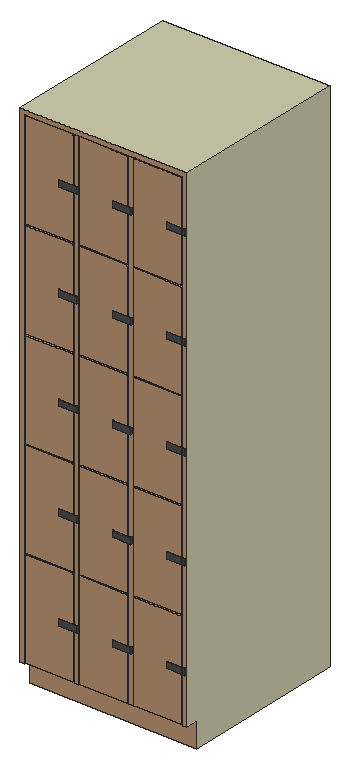
Revit family "Cabinet_Wenger_UltraStor_02", category Furniture, Revit 2015
Parameters (values of type "UltraStor Cabinet #02 - Comp Wood Doors")
  URL = "https://www.wengercorp.com/"
  Type Comments = ""
  Specification = "http://www.arcat.com/sdspecs/htm04/12_35_83wen.htm"
  Shelf Thickness = 0' - 1 1/8"
  Sales Information = "https://www.wengercorp.com/contact-us.php"
  Revision = "R1_2018-04"
  Rear Panel Thickness = 0' - 0 3/4"
  Product Data = "http://www.arcat.com/arcatcos/cos36/arc36487.html"
  Manufacturer Website = "https://www.wengercorp.com/"
  Manufacturer Phone - Toll Free = "800-4WENGER"
  Manufacturer Phone = "(507) 455-4100"
  Manufacturer Fax = "(507) 455-4258"
  Manufacturer Address = "555 Park Dr., Owatonna, MN 55060"
  Keynote = "12 35 83"
  HasDoors = yes
  Green Building-LEED = "http://www.arcat.com/green/clients/leed_data_36487.html"
  Drawn By = "Sumex Design, Inc. / Robert S. Weygant, CSI, CDT, SCIP"
  Door Width = (Cabinet Width - 0' 3") / 3  # 0' - 8.16667"
  Door Style = Door_Base : Solid Door
  Door Material [instance] = Wenger Cherry (Use Cherry Edge Band Only)
  Door Height = (Cabinet Height - 0' 4 3/4") / 5  # 1' - 4.175"
  Toe Kick Material [instance] = Wenger Cherry (Use Cherry Edge Band Only)
  RH End Panel [instance] = no
  Model = "#02"
  Manufacturer = "Wenger Corporation"
  LH End Panel [instance] = no
  End Panel Material [instance] = Wenger Cherry (Use Cherry Edge Band Only)
  Edge Banding Material [instance] = Wenger Cherry (Use Cherry Edge Band Only)
  Cost = 0
  Copyright = "© 2018 Arcat Inc."
  Construction Details = "http://www.arcat.com/details/wengerco/wengerco.html?coid=36487"
  Body Material [instance] = Wenger - Oyster
  Description = "Wenger UltraStor Cabinet #02 - Comp Wood Doors"
  Cabinet Width = 2' - 3 1/2"
  Cabinet Height = 7' - 1 5/8"
  Installed Depth = 2' - 5 1/4"
  Cabinet Panel Thickness = 0' - 0 3/4"
  Assembly Code = "E2010200"
Types (14): name | Rear Panel Thickness | HasDoors | Door Width | Door Style | Door Material | Model | Description | Cabinet Width | Installed Depth
  Acoustic Cabinet #02 - No Doors | 0' - 3 1/4" | no | 0' - 8.16667" | Door_Base : Solid Door | none | "#02A" | "Wenger Acoustic Cabinet #02 - No Doors" | 2' - 3 1/2" | 2' - 7 3/4"
  Narrow Acoustic Cabinet #02 - No Doors | 0' - 3 1/4" | no | 0' - 6.16667" | Door_Base : Solid Door | none | "#02NA" | "Wenger Narrow Acoustic Cabinet #02 - No Doors" | 1' - 9 1/2" | 2' - 7 3/4"
  Acoustic Cabinet #02 - Comp Grille Doors | 0' - 3 1/4" | yes | 0' - 8.16667" | Door_Base : Bars | Painted Black | "#02A" | "Wenger Acoustic Cabinet #02 - Comp Grille Doors" | 2' - 3 1/2" | 2' - 7 3/4"
  Narrow Acoustic Cabinet #02 - Comp Grille Doors | 0' - 3 1/4" | yes | 0' - 6.16667" | Door_Base : Bars | Painted Black | "#02NA" | "Wenger Narrow Acoustic Cabinet #02 - Comp Grille Doors" | 1' - 9 1/2" | 2' - 7 3/4"
  Narrow Acoustic Cabinet #02 - Comp Waterfall Grille Doors | 0' - 3 1/4" | yes | 0' - 6.16667" | Door_Base : Waterfall | Painted Black | "#02NA" | "Wenger Narrow Acoustic Cabinet #02 - Comp Waterfall Grille Doors" | 1' - 9 1/2" | 2' - 7 3/4"
  Acoustic Cabinet #02 - Comp Waterfall Grille Doors | 0' - 3 1/4" | yes | 0' - 8.16667" | Door_Base : Waterfall | Painted Black | "#02A" | "Wenger Acoustic Cabinet #02 - Comp Waterfall Grille Doors" | 2' - 3 1/2" | 2' - 7 3/4"
  Narrow UltraStor Cabinet #02 - Comp Grille Doors | 0' - 0 3/4" | yes | 0' - 6.16667" | Door_Base : Bars | Painted Black | "#02N" | "Wenger Narrow Cabinet #02 - Comp Grille Doors" | 1' - 9 1/2" | 2' - 5 1/4"
  UltraStor Cabinet #02 - Comp Waterfall Grille Doors | 0' - 0 3/4" | yes | 0' - 8.16667" | Door_Base : Waterfall | Painted Black | "#02" | "Wenger UltraStor Cabinet #02 - Comp Waterfall Grille Doors" | 2' - 3 1/2" | 2' - 5 1/4"
  UltraStor Cabinet #02 - Comp Grille Doors | 0' - 0 3/4" | yes | 0' - 8.16667" | Door_Base : Bars | Painted Black | "#02" | "Wenger UltraStor Cabinet #02 - Comp Grille Doors" | 2' - 3 1/2" | 2' - 5 1/4"
  UltraStor Cabinet #02 - No Doors | 0' - 0 3/4" | no | 0' - 8.16667" | Door_Base : Solid Door | none | "#02" | "Wenger UltraStor Cabinet #02 - No Doors" | 2' - 3 1/2" | 2' - 5 1/4"
  Narrow UltraStor Cabinet #02 - Comp Waterfall Grille Doors | 0' - 0 3/4" | yes | 0' - 6.16667" | Door_Base : Waterfall | Painted Black | "#02N" | "Wenger Narrow Cabinet #02 - Comp Waterfall Grille Doors" | 1' - 9 1/2" | 2' - 5 1/4"
  UltraStor Cabinet #02 - Comp Wood Doors | 0' - 0 3/4" | yes | 0' - 8.16667" | Door_Base : Solid Door | Wenger Cherry (Use Cherry Edge Band Only) | "#02" | "Wenger UltraStor Cabinet #02 - Comp Wood Doors" | 2' - 3 1/2" | 2' - 5 1/4"
  Narrow UltraStor Cabinet #02 - No Doors | 0' - 0 3/4" | no | 0' - 6.16667" | Door_Base : Solid Door | none | "#02N" | "Wenger Narrow Cabinet #02 - No Doors" | 1' - 9 1/2" | 2' - 5 1/4"
  Narrow UltraStor Cabinet #02 - Comp Wood Doors | 0' - 0 3/4" | yes | 0' - 6.16667" | Door_Base : Solid Door | Wenger Cherry (Use Cherry Edge Band Only) | "#02N" | "Wenger Narrow Cabinet #02 - Comp Wood Doors" | 1' - 9 1/2" | 2' - 5 1/4"
Reference planes (in)
  plane 1 "Front": y = 0
  plane 2: z = 0
  plane 3 "Left": x = 0
  plane 4 "Right": x = 27.5
  plane 5 "Back": y = 29.25
  plane 6 "Top": z = 85.625
  plane 7: z = 4
  plane 8: z = 20.175
  plane 9: z = 36.35
  plane 10: z = 52.525
  plane 11: z = 68.7
  plane 12: x = 0.75
  plane 13: x = 26.75
  plane 14: z = 84.875
  plane 15: x = 8.91667
  plane 16: x = 9.66667
  plane 17: x = 17.83333
  plane 18: x = 18.58333
  plane 19: y = 28.5
  plane 20: y = 2
  plane 21: y = 0.75
  plane 22: z = 21.3
  plane 23: z = 37.475
  plane 24: z = 53.65
  plane 25: z = 69.825
  plane 26: z = 5.125
Forms (in)
  Extrusion 1, solid, material "Wenger - Oyster" <- "Body Material"
    sketch origin (0, 0, 0) x (0, 1, 0) y (0, 0, 1)
      loop
        line (0, 85.625) -> (0, 4) -> (2, 4) -> (2, 0) -> (29.25, 0) -> (29.25, 85.625) -> (0, 85.625)
    from 0 to 27.5
  Extrusion 2, void
    sketch origin (0, 0, 0) x (0, 1, 0) y (0, 0, 1)
      loop
        line (-5.5, 84.875) -> (-5.5, 4) -> (0.75, 4)
        arc (0.75, 4) -> (1.15915, 4.80234) -> (2, 5.125) r 1.25694
        line (2, 5.125) -> (28.5, 5.125) -> (28.5, 20.175) -> (0.75, 20.175)
        arc (0.75, 20.175) -> (1.18296, 20.95088) -> (2, 21.3) r 1.375
        line (2, 21.3) -> (28.5, 21.3) -> (28.5, 36.35) -> (0.75, 36.35)
        arc (0.75, 36.35) -> (1.18296, 37.12588) -> (2, 37.475) r 1.375
        line (2, 37.475) -> (28.5, 37.475) -> (28.5, 52.525) -> (0.75, 52.525)
        arc (0.75, 52.525) -> (1.18296, 53.30088) -> (2, 53.65) r 1.375
        line (2, 53.65) -> (28.5, 53.65) -> (28.5, 68.7) -> (0.75, 68.7)
        arc (0.75, 68.7) -> (1.18296, 69.47588) -> (2, 69.825) r 1.375
        line (2, 69.825) -> (28.5, 69.825) -> (28.5, 84.875) -> (-5.5, 84.875)
    from 0.75 to 8.91667
  Extrusion 3, void
    sketch origin (0, 0, 0) x (0, 1, 0) y (0, 0, 1)
      loop
        line (-5.5, 84.875) -> (-5.5, 4) -> (0.75, 4)
        arc (0.75, 4) -> (1.18296, 4.77588) -> (2, 5.125) r 1.375
        line (2, 5.125) -> (28.5, 5.125) -> (28.5, 20.175) -> (0.75, 20.175)
        arc (0.75, 20.175) -> (1.18296, 20.95088) -> (2, 21.3) r 1.375
        line (2, 21.3) -> (28.5, 21.3) -> (28.5, 36.35) -> (0.75, 36.35)
        arc (0.75, 36.35) -> (1.18296, 37.12588) -> (2, 37.475) r 1.375
        line (2, 37.475) -> (28.5, 37.475) -> (28.5, 52.525) -> (0.75, 52.525)
        arc (0.75, 52.525) -> (1.18296, 53.30088) -> (2, 53.65) r 1.375
        line (2, 53.65) -> (28.5, 53.65) -> (28.5, 68.7) -> (0.75, 68.7)
        arc (0.75, 68.7) -> (1.18296, 69.47588) -> (2, 69.825) r 1.375
        line (2, 69.825) -> (28.5, 69.825) -> (28.5, 84.875) -> (-5.5, 84.875)
    from 9.66667 to 17.83333
  Extrusion 4, void
    sketch origin (0, 0, 0) x (0, 1, 0) y (0, 0, 1)
      loop
        line (-5.5, 84.875) -> (-5.5, 4) -> (0.75, 4)
        arc (0.75, 4) -> (1.18296, 4.77588) -> (2, 5.125) r 1.375
        line (2, 5.125) -> (28.5, 5.125) -> (28.5, 20.175) -> (0.75, 20.175)
        arc (0.75, 20.175) -> (1.18296, 20.95088) -> (2, 21.3) r 1.375
        line (2, 21.3) -> (28.5, 21.3) -> (28.5, 36.35) -> (0.75, 36.35)
        arc (0.75, 36.35) -> (1.18296, 37.12588) -> (2, 37.475) r 1.375
        line (2, 37.475) -> (28.5, 37.475) -> (28.5, 52.525) -> (0.75, 52.525)
        arc (0.75, 52.525) -> (1.18296, 53.30088) -> (2, 53.65) r 1.375
        line (2, 53.65) -> (28.5, 53.65) -> (28.5, 68.7) -> (0.75, 68.7)
        arc (0.75, 68.7) -> (1.18296, 69.47588) -> (2, 69.825) r 1.375
        line (2, 69.825) -> (28.5, 69.825) -> (28.5, 84.875) -> (-5.5, 84.875)
    from 18.58333 to 26.75
  Extrusion 5, void
    sketch origin (0, 0, 0) x (0, 1, 0) y (0, 0, 1)
      loop
        line (0, 84.875) -> (0, 4) -> (0.0625, 4) -> (0.0625, 84.875) -> (0, 84.875)
    from 0.75 to 26.75
Cuts and joins
  Extrusion 2, Extrusion 3, Extrusion 4, Extrusion 5 cuts Extrusion 1
Lines and regions (in)
  Masking region 1
    outline origin (0, 0, 0) x (1, 0, 0) y (0, 1, 0)
      loop
        line (0, 29.25) -> (0, 0) -> (27.5, 0) -> (27.5, 29.25) -> (0, 29.25)
Dimensions and locks (in)
  "Cabinet Panel Thickness": plane 3 "Left" to plane 12
  "Cabinet Panel Thickness": plane 13 to plane 4 "Right"
  "Cabinet Panel Thickness": plane 5 "Back" to plane 19
  locked: plane 1 "Front" to plane 21 at 0.75
  locked: plane 1 "Front" to plane 20 at 2
  "Shelf Thickness": plane 22 to plane 8
  "Shelf Thickness": plane 23 to plane 9
  "Shelf Thickness": plane 24 to plane 10
  "Shelf Thickness": plane 25 to plane 11
  "Cabinet Panel Thickness": plane 6 "Top" to plane 14
  equal spacing: plane 14, plane 11, plane 10, plane 9, plane 8, plane 7
  "Shelf Thickness": plane 26 to plane 7
  "Cabinet Width": plane 3 "Left" to plane 4 "Right"
  locked: plane 7 to level at 4
  "Cabinet Height": plane 6 "Top" to level
  "Installed Depth": plane 1 "Front" to plane 5 "Back"
  "Door Width": plane 15 to plane 12
  "Door Width": plane 17 to plane 16
  "Door Width": plane 13 to plane 18
  plane 3 "Left" to plane 4 "Right" = 2' - 3 1/2"
  locked: plane 18 to plane 17 at 0.75
  equal spacing: plane 16, nested 2, plane 17
  equal spacing: plane 5 "Back", nested 2, plane 1 "Front"
  aligned and locked: Extrusion 1 sketch curve to plane 6 "Top"
  aligned and locked: Extrusion 1 sketch curve to plane 5 "Back"
  aligned and locked: Extrusion 1 sketch curve to plane 1 "Front"
  aligned and locked: Extrusion 1 sketch curve to plane 7
  aligned and locked: Extrusion 1 sketch curve to plane 20
  aligned and locked: Extrusion 1 sketch curve to level
  aligned and locked: Extrusion 1 to plane 4 "Right"
  aligned and locked: Extrusion 1 to plane 3 "Left"
  aligned and locked: Extrusion 2 sketch curve to plane 14
  aligned and locked: Extrusion 2 sketch curve to plane 19
  aligned and locked: Extrusion 2 sketch curve to plane 11
  aligned and locked: Extrusion 2 sketch curve to plane 24
  aligned and locked: Extrusion 2 sketch curve to plane 10
  aligned and locked: Extrusion 2 sketch curve to plane 23
  aligned and locked: Extrusion 2 sketch curve to plane 9
  aligned and locked: Extrusion 2 sketch curve to plane 22
  aligned and locked: Extrusion 2 sketch curve to plane 8
  aligned and locked: Extrusion 2 sketch curve to plane 26
  aligned and locked: Extrusion 2 sketch curve to plane 25
  aligned and locked: Extrusion 2 to plane 12
  aligned and locked: plane 15 to Extrusion 2
  aligned and locked: plane 17 to Extrusion 3
  aligned and locked: Extrusion 3 to plane 16
  aligned and locked: Extrusion 4 to plane 13
  aligned and locked: Extrusion 4 to plane 18
  aligned and locked: Extrusion 5 sketch curve to cut or joined group of Extrusion 1, Extrusion 2, Extrusion 3, Extrusion 4, Extrusion 5  (x3)
  aligned and locked: Extrusion 5 to plane 13
  aligned and locked: Extrusion 5 to plane 12
  aligned and locked: plane 10 to nested 11
  aligned and locked: nested 3 to plane 12
  aligned and locked: plane 15 to nested 3
  aligned and locked: nested 3 to plane 11
  aligned and locked: plane 14 to nested 3
  aligned and locked: plane 14 to nested 4
  aligned and locked: nested 4 to plane 11
  aligned and locked: nested 4 to plane 16
  aligned and locked: plane 17 to nested 4
  aligned and locked: cut or joined group of Extrusion 1, Extrusion 2, Extrusion 3, Extrusion 4, Extrusion 5 to plane 18
  aligned and locked: cut or joined group of Extrusion 1, Extrusion 2, Extrusion 3, Extrusion 4, Extrusion 5 to plane 13
  aligned and locked: plane 14 to nested 5
  aligned and locked: nested 5 to plane 11
  aligned and locked: plane 11 to cut or joined group of Extrusion 1, Extrusion 2, Extrusion 3, Extrusion 4, Extrusion 5  (x2)
  aligned and locked: plane 11 to nested 7
  aligned and locked: plane 11 to nested 8
  aligned and locked: plane 11 to nested 6
  aligned and locked: nested 8 to plane 10
  aligned and locked: nested 7 to plane 10
  aligned and locked: nested 6 to plane 10
  aligned and locked: plane 10 to cut or joined group of Extrusion 1, Extrusion 2, Extrusion 3, Extrusion 4, Extrusion 5
  aligned and locked: plane 10 to nested 10
  aligned and locked: plane 10 to nested 9
  aligned and locked: nested 9 to plane 9
  aligned and locked: plane 9 to nested 12
  aligned and locked: nested 10 to plane 9
  aligned and locked: plane 9 to nested 13
  aligned and locked: nested 11 to plane 9
  aligned and locked: plane 9 to nested 14
  aligned and locked: nested 12 to plane 8
  aligned and locked: plane 8 to nested 15
  aligned and locked: nested 13 to plane 8
  aligned and locked: plane 8 to nested 16
  aligned and locked: nested 14 to plane 8
  aligned and locked: plane 8 to nested 17
  aligned and locked: nested 17 to plane 13
  aligned and locked: nested 14 to plane 13
  aligned and locked: nested 11 to plane 13
  aligned and locked: nested 8 to plane 13
  aligned and locked: nested 5 to plane 13
  aligned and locked: nested 5 to plane 18
  aligned and locked: nested 8 to plane 18
  aligned and locked: nested 11 to plane 18
  aligned and locked: nested 14 to plane 18
  aligned and locked: nested 17 to plane 18
  aligned and locked: plane 17 to cut or joined group of Extrusion 1, Extrusion 2, Extrusion 3, Extrusion 4, Extrusion 5
  aligned and locked: plane 17 to nested 13
  aligned and locked: plane 17 to nested 10
  aligned and locked: plane 17 to nested 7
  aligned and locked: nested 10 to plane 16
  aligned and locked: nested 13 to plane 16
  aligned and locked: nested 7 to plane 16
  aligned and locked: nested 16 to plane 16
  aligned and locked: plane 15 to nested 15
  aligned and locked: plane 15 to nested 12
  aligned and locked: plane 15 to nested 9
  aligned and locked: plane 15 to nested 6
  aligned and locked: nested 6 to plane 12
  aligned and locked: nested 9 to plane 12
  aligned and locked: nested 12 to plane 12
  aligned and locked: nested 15 to plane 12
  aligned and locked: plane 7 to cut or joined group of Extrusion 1, Extrusion 2, Extrusion 3, Extrusion 4, Extrusion 5
  aligned and locked: nested 16 to plane 7
  aligned and locked: nested 17 to plane 7
  aligned and locked: nested 15 to plane 7
  aligned and locked: plane 21 to Extrusion 2 sketch curve
  aligned and locked: plane 1 "Front" to nested 18
  aligned and locked: nested 18 to level
  aligned and locked: nested 18 to plane 4 "Right"
  aligned and locked: Masking region 1 sketch curve to plane 5 "Back"
  aligned and locked: Masking region 1 sketch curve to plane 1 "Front"
  aligned and locked: plane 3 "Left" to Masking region 1 sketch curve
  aligned and locked: plane 4 "Right" to Masking region 1 sketch curve
Automatic sketch dimensions
  Extrusion 3 sketch curve to plane 14 = 0' - 0"
  Extrusion 3 sketch curve to plane 7 = 0' - 0"
  Extrusion 3 sketch curve to plane 21 = 0' - 0"  (x5)
  Extrusion 3 sketch curve to plane 11 = 0' - 0"
  Extrusion 3 sketch curve to plane 8 = 0' - 0"
  Extrusion 3 sketch curve to plane 10 = 0' - 0"
  Extrusion 3 sketch curve to plane 9 = 0' - 0"
  Extrusion 3 sketch curve to plane 20 = 0' - 0"  (x5)
  Extrusion 3 sketch curve to plane 19 = 0' - 0"  (x5)
  Extrusion 3 sketch curve to plane 26 = 0' - 0"
  Extrusion 3 sketch curve to plane 22 = 0' - 0"
  Extrusion 3 sketch curve to plane 23 = 0' - 0"
  Extrusion 3 sketch curve to plane 24 = 0' - 0"
  Extrusion 3 sketch curve to plane 25 = 0' - 0"
  plane 1 "Front" to Extrusion 3 sketch curve = 0' - 5 1/2"
  Extrusion 3 sketch curve to plane 20 = 0' - 0.10279"  (x5)
  Extrusion 4 sketch curve to plane 14 = 0' - 0"
  Extrusion 4 sketch curve to plane 7 = 0' - 0"
  Extrusion 4 sketch curve to plane 21 = 0' - 0"  (x5)
  Extrusion 4 sketch curve to plane 11 = 0' - 0"
  Extrusion 4 sketch curve to plane 8 = 0' - 0"
  Extrusion 4 sketch curve to plane 10 = 0' - 0"
  Extrusion 4 sketch curve to plane 9 = 0' - 0"
  Extrusion 4 sketch curve to plane 20 = 0' - 0"  (x5)
  Extrusion 4 sketch curve to plane 19 = 0' - 0"  (x5)
  Extrusion 4 sketch curve to plane 26 = 0' - 0"
  Extrusion 4 sketch curve to plane 22 = 0' - 0"
  Extrusion 4 sketch curve to plane 23 = 0' - 0"
  Extrusion 4 sketch curve to plane 24 = 0' - 0"
  Extrusion 4 sketch curve to plane 25 = 0' - 0"
  plane 1 "Front" to Extrusion 4 sketch curve = 0' - 5 1/2"
  Extrusion 4 sketch curve to plane 20 = 0' - 0.10279"  (x5)
  plane 21 to Extrusion 5 sketch curve = 0' - 0 11/16"
  Extrusion 2 sketch curve to plane 7 = 0' - 0"
  Extrusion 2 sketch curve to plane 21 = 0' - 0"  (x4)
  Extrusion 2 sketch curve to plane 20 = 0' - 0"  (x5)
  Extrusion 2 sketch curve to plane 19 = 0' - 0"  (x4)
  plane 1 "Front" to Extrusion 2 sketch curve = 0' - 5 1/2"
  Extrusion 2 sketch curve to plane 20 = 0' - 0.10279"  (x4)
Nested families (in)
  nested 1: "End Panel" at (0, 14.25, 0) x (0, -1, 0) z (0, 0, 1), End Panel Material <- "End Panel Material", visible <- "LH End Panel", Edge Banding Material <- "Edge Banding Material", type "End Panel"
    with End Panel Material Wenger Cherry (Use Cherry Edge Band Only), Edge Banding Material Wenger Cherry (Use Cherry Edge Band Only), End Panel Depth 2' - 5 1/4"
  nested 2: "Labels" at (13.75, 14.625, 0), type "Labels"
  nested 3: "Door_Base" at (4.83333, 0, 68.7) x (1, 0, 0) z (0, -1, 0), type <- "Door Style", Height <- "Door Height", Width <- "Door Width", visible <- "HasDoors", type "Solid Door", detail levels medium+fine
    with vBars 6, Width 0' - 8.16667", ToeKick Height 0' - 4", MidBar no, Height 1' - 4.175", BarHt 1' - 3.675", 2HzBars no
  nested 4: "Door_Base" at (13.75, 0, 68.7) x (1, 0, 0) z (0, -1, 0), type <- "Door Style", Height <- "Door Height", Width <- "Door Width", visible <- "HasDoors", type "Solid Door", detail levels medium+fine
    with vBars 6, Width 0' - 8.16667", ToeKick Height 0' - 4", MidBar no, Height 1' - 4.175", BarHt 1' - 3.675", 2HzBars no
  nested 5: "Door_Base" at (22.66667, 0, 68.7) x (1, 0, 0) z (0, -1, 0), type <- "Door Style", Height <- "Door Height", Width <- "Door Width", visible <- "HasDoors", type "Solid Door", detail levels medium+fine
    with vBars 6, Width 0' - 8.16667", ToeKick Height 0' - 4", MidBar no, Height 1' - 4.175", BarHt 1' - 3.675", 2HzBars no
  nested 6: "Door_Base" at (4.83333, 0, 52.525) x (1, 0, 0) z (0, -1, 0), type <- "Door Style", Height <- "Door Height", Width <- "Door Width", visible <- "HasDoors", type "Solid Door", detail levels medium+fine
    with vBars 6, Width 0' - 8.16667", ToeKick Height 0' - 4", MidBar no, Height 1' - 4.175", BarHt 1' - 3.675", 2HzBars no
  nested 7: "Door_Base" at (13.75, 0, 52.525) x (1, 0, 0) z (0, -1, 0), type <- "Door Style", Height <- "Door Height", Width <- "Door Width", visible <- "HasDoors", type "Solid Door", detail levels medium+fine
    with vBars 6, Width 0' - 8.16667", ToeKick Height 0' - 4", MidBar no, Height 1' - 4.175", BarHt 1' - 3.675", 2HzBars no
  nested 8: "Door_Base" at (22.66667, 0, 52.525) x (1, 0, 0) z (0, -1, 0), type <- "Door Style", Height <- "Door Height", Width <- "Door Width", visible <- "HasDoors", type "Solid Door", detail levels medium+fine
    with vBars 6, Width 0' - 8.16667", ToeKick Height 0' - 4", MidBar no, Height 1' - 4.175", BarHt 1' - 3.675", 2HzBars no
  nested 9: "Door_Base" at (4.83333, 0, 36.35) x (1, 0, 0) z (0, -1, 0), type <- "Door Style", Height <- "Door Height", Width <- "Door Width", visible <- "HasDoors", type "Solid Door", detail levels medium+fine
    with vBars 6, Width 0' - 8.16667", ToeKick Height 0' - 4", MidBar no, Height 1' - 4.175", BarHt 1' - 3.675", 2HzBars no
  nested 10: "Door_Base" at (13.75, 0, 36.35) x (1, 0, 0) z (0, -1, 0), type <- "Door Style", Height <- "Door Height", Width <- "Door Width", visible <- "HasDoors", type "Solid Door", detail levels medium+fine
    with vBars 6, Width 0' - 8.16667", ToeKick Height 0' - 4", MidBar no, Height 1' - 4.175", BarHt 1' - 3.675", 2HzBars no
  nested 11: "Door_Base" at (22.66667, 0, 36.35) x (1, 0, 0) z (0, -1, 0), type <- "Door Style", Height <- "Door Height", Width <- "Door Width", visible <- "HasDoors", type "Solid Door", detail levels medium+fine
    with vBars 6, Width 0' - 8.16667", ToeKick Height 0' - 4", MidBar no, Height 1' - 4.175", BarHt 1' - 3.675", 2HzBars no
  nested 12: "Door_Base" at (4.83333, 0, 20.175) x (1, 0, 0) z (0, -1, 0), type <- "Door Style", Height <- "Door Height", Width <- "Door Width", visible <- "HasDoors", type "Solid Door", detail levels medium+fine
    with vBars 6, Width 0' - 8.16667", ToeKick Height 0' - 4", MidBar no, Height 1' - 4.175", BarHt 1' - 3.675", 2HzBars no
  nested 13: "Door_Base" at (13.75, 0, 20.175) x (1, 0, 0) z (0, -1, 0), type <- "Door Style", Height <- "Door Height", Width <- "Door Width", visible <- "HasDoors", type "Solid Door", detail levels medium+fine
    with vBars 6, Width 0' - 8.16667", ToeKick Height 0' - 4", MidBar no, Height 1' - 4.175", BarHt 1' - 3.675", 2HzBars no
  nested 14: "Door_Base" at (22.66667, 0, 20.175) x (1, 0, 0) z (0, -1, 0), type <- "Door Style", Height <- "Door Height", Width <- "Door Width", visible <- "HasDoors", type "Solid Door", detail levels medium+fine
    with vBars 6, Width 0' - 8.16667", ToeKick Height 0' - 4", MidBar no, Height 1' - 4.175", BarHt 1' - 3.675", 2HzBars no
  nested 15: "Door_Base" at (4.83333, 0, 4) x (1, 0, 0) z (0, -1, 0), type <- "Door Style", Height <- "Door Height", Width <- "Door Width", visible <- "HasDoors", type "Solid Door", detail levels medium+fine
    with vBars 6, Width 0' - 8.16667", ToeKick Height 0' - 4", MidBar no, Height 1' - 4.175", BarHt 1' - 3.675", 2HzBars no
  nested 16: "Door_Base" at (13.75, 0, 4) x (1, 0, 0) z (0, -1, 0), type <- "Door Style", Height <- "Door Height", Width <- "Door Width", visible <- "HasDoors", type "Solid Door", detail levels medium+fine
    with vBars 6, Width 0' - 8.16667", ToeKick Height 0' - 4", MidBar no, Height 1' - 4.175", BarHt 1' - 3.675", 2HzBars no
  nested 17: "Door_Base" at (22.66667, 0, 4) x (1, 0, 0) z (0, -1, 0), type <- "Door Style", Height <- "Door Height", Width <- "Door Width", visible <- "HasDoors", type "Solid Door", detail levels medium+fine
    with vBars 6, Width 0' - 8.16667", ToeKick Height 0' - 4", MidBar no, Height 1' - 4.175", BarHt 1' - 3.675", 2HzBars no
  nested 18: "End Panel" at (28.25, 14.25, 0) x (0, -1, 0) z (0, 0, 1), End Panel Material <- "End Panel Material", Edge Banding Material <- "Edge Banding Material", visible <- "RH End Panel", type "End Panel"
    with End Panel Material Wenger Cherry (Use Cherry Edge Band Only), Edge Banding Material Wenger Cherry (Use Cherry Edge Band Only), End Panel Depth 2' - 5 1/4"
Definition of nested family "End Panel"
  Parameters (values of type "End Panel")
    End Panel Material [instance] = none
    End Panel Height = 7' - 1 5/8"
    End Panel Depth = 1' - 9 3/4"
    Edge Banding Material [instance] = none
    Default Elevation = 4' - 0"
    Assembly Code = ""
  Reference planes (in)
    plane 1 "Center (Front/Back)": y = 0
    plane 2: z = 0
    plane 3 "Center (Left/Right)": x = 0
    plane 4: x = -15
    plane 5: x = 6.75
    plane 6: z = 4
    plane 7: x = 4.75
    plane 8: z = 85.625
    plane 9: y = -0.75
  Forms (in)
    Extrusion 1, solid, material <- "End Panel Material"
      sketch origin (0, 0, 0) x (1, 0, 0) y (0, 0, 1)
        loop
          line (-15, 85.625) -> (-15, 0) -> (4.75, 0) -> (4.75, 4) -> (6.75, 4) -> (6.75, 85.625) -> (-15, 85.625)
      from 0 to 0.75
  Lines and regions (in)
    Masking region 1, detail levels coarse+medium
      outline origin (0, 0, 0) x (1, 0, 0) y (0, 1, 0)
        loop
          line (-15, 0) -> (-15, -0.75) -> (6.75, -0.75) -> (6.75, 0) -> (-15, 0)
  Dimensions and locks (in)
    locked: plane 7 to plane 5 at 2
    locked: plane 6 to level at 4
    "End Panel Height": plane 8 to level
    "End Panel Depth": plane 5 to plane 4
    locked: plane 9 to plane 1 "Center (Front/Back)" at 0.75
    aligned and locked: plane 4 to Extrusion 1 sketch curve
    aligned and locked: level to Extrusion 1 sketch curve
    aligned and locked: plane 7 to Extrusion 1 sketch curve
    aligned and locked: plane 6 to Extrusion 1 sketch curve
    aligned and locked: Extrusion 1 sketch curve to plane 5
    aligned and locked: Extrusion 1 sketch curve to plane 8
    aligned and locked: Extrusion 1 to plane 9
    aligned and locked: Extrusion 1 to plane 1 "Center (Front/Back)"
    aligned and locked: plane 4 to Masking region 1 sketch curve
    aligned and locked: Masking region 1 sketch curve to plane 5
    aligned and locked: plane 1 "Center (Front/Back)" to Masking region 1 sketch curve
    aligned and locked: plane 9 to Masking region 1 sketch curve
Definition of nested family "Door_Base"
  Parameters (values of type "None")
    vBars [instance] = (Width - 0' 2") / 0' 1"  # 6
    Width [instance] = 0' - 8"
    ToeKick Height [instance] = 0' - 4"
    Thickness = 0' - 0 3/4"
    Solid Door = no
    Shelf Thickness = 0' - 0 3/4"
    Panel Thickness = 0' - 0 3/4"
    MidBar [instance] = and(Height < 1' 6", HasDoor, not(Solid Door))  # no
    Height [instance] = 1' - 2 5/8"
    HasDoor = no
    Edge Banding = none
    DoorGap = 0' - 0 1/8"
    Door Finish = none
    Depth = 2' - 0"
    Default Elevation = 4' - 0"
    Bars = no
    BarStyle = Bars : Waterfall
    BarHt [instance] = Height - 0' 0 1/2"  # 1' - 2 1/8"
    2HzBars [instance] = and(Height > 1' 6", not(Solid Door))  # no
  Types (4): name | Thickness | Solid Door | MidBar | HasDoor | Bars | BarStyle
    Solid Door | 0' - 0 3/4" | yes | no | yes | no | Bars : Waterfall
    Bars | 0' - 0 1/4" | no | yes | yes | yes | Bars : Straight
    Waterfall | 0' - 0 3/4" | no | yes | yes | yes | Bars : Waterfall
    None | 0' - 0 3/4" | no | no | no | no | Bars : Waterfall
  Reference planes (in)
    plane 1 "Center (Front/Back)": y = 0
    plane 2: z = 0
    plane 3 "Center (Left/Right)": x = 0
    plane 4: x = -4
    plane 5: y = 14.625
    plane 6: x = 4
    plane 7: z = -0.75
    plane 8: x = -3.875
    plane 9: x = 3.875
    plane 10: y = 0.125
    plane 11: y = 14.5
    plane 12: y = -0.75
    plane 13 "CL Elev": y = 7.3125
    plane 14: x = -3.75
    plane 15: x = 3.75
    plane 16 "BtmRail": y = 0.25
    plane 17: y = 14.375
    plane 18: z = -0.125
    plane 19: x = -2.75
    plane 20: x = 2.75
    plane 21: y = 9.66667
    plane 22: y = 4.95833
  Forms (in)
    Extrusion 1, solid, material <- "Door Finish", visible <- "Solid Door", detail levels medium+fine
      sketch origin (0, 0, 0) x (1, 0, 0) y (0, 1, 0)
        loop
          arc (-3.75, 14.5) -> (-3.83839, 14.46339) -> (-3.875, 14.375) r 0.125
          line (-3.875, 14.375) -> (-3.875, 0.25)
          arc (-3.875, 0.25) -> (-3.83839, 0.16161) -> (-3.75, 0.125) r 0.125
          line (-3.75, 0.125) -> (3.75, 0.125)
          arc (3.75, 0.125) -> (3.83839, 0.16161) -> (3.875, 0.25) r 0.125
          line (3.875, 0.25) -> (3.875, 14.375)
          arc (3.875, 14.375) -> (3.83839, 14.46339) -> (3.75, 14.5) r 0.125
          line (3.75, 14.5) -> (-3.75, 14.5)
      from 0 to -0.75
    Sweep 2, solid, material <- "Door Finish", visible <- "Bars", detail levels medium+fine
      path origin (0, 0, 0) x (1, 0, 0) y (0, 1, 0)
        loop
          arc (-3.125, 14.5) -> (-3.65533, 14.28033) -> (-3.875, 13.75) r 0.75
          line (-3.875, 13.75) -> (-3.875, 0.875)
          arc (-3.875, 0.875) -> (-3.65533, 0.34467) -> (-3.125, 0.125) r 0.75
          line (-3.125, 0.125) -> (3.125, 0.125)
          arc (3.125, 0.125) -> (3.65533, 0.34467) -> (3.875, 0.875) r 0.75
          line (3.875, 0.875) -> (3.875, 13.75)
          arc (3.875, 13.75) -> (3.65533, 14.28033) -> (3.125, 14.5) r 0.75
          line (3.125, 14.5) -> (-3.125, 14.5)
      profile origin (0, 14.5, 0) x (0, 1, 0) y (0, 0, 1)
        loop
          circle (-0.125, -0.125) r 0.125
    Extrusion 3, solid, material <- "Door Finish", visible <- "MidBar", detail levels medium+fine
      sketch origin (0, 0, 0) x (0, 1, 0) y (0, 0, 1)
        loop
          circle (7.3125, -0.125) r 0.125
      from -3.75 to 3.75
    Extrusion 4, solid, visible <- "HasDoor", detail levels fine
      sketch origin (0, 0, 0) x (1, 0, 0) y (0, 1, 0)
        loop
          line (1.5, 7.8125) -> (1.5, 6.8125) -> (4.5, 6.8125) -> (4.5, 7.8125) -> (1.5, 7.8125)
      from 0 to 0.125
    Extrusion 5, solid, material <- "Door Finish", visible <- "2HzBars", detail levels medium+fine
      sketch origin (0, 0, 0) x (0, 1, 0) y (0, 0, 1)
        loop
          circle (9.66667, -0.125) r 0.125
        loop
          circle (4.95833, -0.125) r 0.125
      from -3.75 to 3.75
  Lines and regions (in)
    symbolic lines, visible <- "HasDoor", detail levels medium+fine
      curve 1: line (4, 0.25, 0) -> (-4, 0.25, 0)
      curve 2: line (-4, 0.25, 0) -> (-4, 0.25, 8)
      curve 3: arc (4, 0.25, 0) -> (1.65685, 0.25, 5.65685) -> (-4, 0.25, 8) r 8
    symbolic lines, visible <- "HasDoor"
      curve 4: line (3.875, 0.25, 0) -> (3.875, 0.25, -0.75)
      curve 5: line (3.875, 0.25, -0.75) -> (-3.875, 0.25, -0.75)
      curve 6: line (-3.875, 0.25, -0.75) -> (-3.875, 0.25, 0)
    symbolic lines, detail levels medium
      curve 7: line (3.875, 14.5, 0) -> (-3.875, 7.3125, 0)
      curve 8: line (-3.875, 7.3125, 0) -> (3.875, 0.125, 0)
  Dimensions and locks (in)
    "Height": plane 1 "Center (Front/Back)" to plane 5
    "Thickness": level to plane 7
    equal spacing: plane 4, plane 3 "Center (Left/Right)", plane 6
    "Width": plane 4 to plane 6
    "DoorGap": plane 5 to plane 11
    "DoorGap": plane 9 to plane 6
    "DoorGap": plane 4 to plane 8
    "DoorGap": plane 1 "Center (Front/Back)" to plane 10
    "Shelf Thickness": plane 1 "Center (Front/Back)" to plane 12
    equal spacing: plane 1 "Center (Front/Back)", plane 13 "CL Elev", plane 5
    locked: plane 15 to plane 9 at 0.125
    locked: plane 8 to plane 14 at 0.125
    locked: plane 11 to plane 17 at 0.125
    locked: plane 16 "BtmRail" to plane 10 at 0.125
    locked: level to plane 18 at 0.125
    plane 19 to plane 14 = 0' - 1"
    locked: plane 15 to plane 20 at 1
    Extrusion 4 sketch curve to plane 13 "CL Elev" to Extrusion 4 sketch curve = 0' - 0 1/2" locked, 0' - 0 1/2" locked
    locked: plane 6 to Extrusion 4 sketch curve at 0.5
    locked: Extrusion 4 sketch curve to plane 6 at 2.5
    locked: Extrusion 4 to level at 0.125
    equal spacing: group 1, group 3, group 4, group 5, group 6, group 2  (x3)
    equal spacing: plane 17, plane 21, plane 22, plane 16 "BtmRail"
    "Width": radius of curve 3
    aligned and locked: plane 2 to level
    aligned and locked: Extrusion 1 sketch curve to plane 11
    aligned and locked: plane 8 to Extrusion 1 sketch curve
    aligned and locked: Extrusion 1 sketch curve to plane 9
    aligned and locked: plane 10 to Extrusion 1 sketch curve
    aligned and locked: Extrusion 1 to plane 7
    aligned and locked: level to Extrusion 1
    aligned and locked: Sweep 2 sketch curve to plane 11
    aligned and locked: plane 8 to Sweep 2 sketch curve
    aligned and locked: plane 10 to Sweep 2 sketch curve
    aligned and locked: Sweep 2 sketch curve to plane 9
    aligned and locked: plane 15 to Extrusion 3
    aligned and locked: Extrusion 3 to plane 14
    aligned and locked: plane 20 to nested 2
    aligned and locked: plane 19 to nested 1
    aligned and locked: plane 21 to Extrusion 5 sketch curve
    aligned and locked: plane 18 to Extrusion 5 sketch curve  (x2)
    aligned and locked: plane 22 to Extrusion 5 sketch curve
    aligned and locked: Extrusion 5 to Extrusion 3  (x2)
    aligned and locked: plane 4 to curve 3  (x2)
    aligned and locked: level to curve 3
    aligned and locked: plane 7 to curve 5
    aligned and locked: Extrusion 1 to plane 8
    aligned and locked: plane 9 to Extrusion 1
    aligned and locked: plane 10 to curve 8
    aligned and locked: plane 9 to curve 8
    aligned and locked: plane 13 "CL Elev" to curve 8
    aligned and locked: plane 11 to curve 7
    aligned and locked: plane 9 to curve 7
  Automatic sketch dimensions
    plane 8 to Sweep 2 sketch curve = 0' - 0 3/4"  (x2)
    Sweep 2 sketch curve to plane 9 = 0' - 0 3/4"
    Sweep 2 sketch curve to Sweep 2 sketch curve = 0' - 0 3/4"
    Sweep 2 sketch curve to level = 0' - 0 1/8"
    profile plane to Sweep 2 sketch curve = 0' - 0 1/8"
    Extrusion 3 sketch curve to level = 0' - 0 1/8"
    Extrusion 3 sketch curve to plane 13 "CL Elev" = 0' - 0"
    curve 8 to plane 8 = 0' - 0"
    Extrusion 1 sketch curve to plane 14 = 0' - 0"  (x2)
    Extrusion 1 sketch curve to plane 15 = 0' - 0"  (x2)
    curve 5 to plane 9 = 0' - 0"
    curve 6 to plane 8 = 0' - 0"
    radius of Sweep 2 sketch curve = 0' - 0 1/8"
    radius of Extrusion 3 sketch curve = 0' - 0 1/8"
    radius of Extrusion 5 sketch curve = 0' - 0 1/8"  (x2)
  Nested families (in)
    nested 1: "Bars" at (-2.75, 0.25, -0.125) x (1, 0, 0) z (0, 1, 0), type <- "BarStyle", visible <- "Bars", type "Waterfall", detail levels fine
      with Lateral Deviation 0' - 1", Height 1' - 2 1/8"
    nested 2: "Bars" at (2.75, 0.25, -0.125) x (1, 0, 0) z (0, 1, 0), type <- "BarStyle", visible <- "Bars", type "Waterfall", detail levels fine
      with Lateral Deviation 0' - 1", Height 1' - 2 1/8"
    nested 3: "Bars" at (-1.65, 0.25, -0.125) x (1, 0, 0) z (0, 1, 0), type <- "BarStyle", visible <- "Bars", type "Waterfall", detail levels fine
      with Lateral Deviation 0' - 1", Height 1' - 2 1/8"
    nested 4: "Bars" at (-0.55, 0.25, -0.125) x (1, 0, 0) z (0, 1, 0), type <- "BarStyle", visible <- "Bars", type "Waterfall", detail levels fine
      with Lateral Deviation 0' - 1", Height 1' - 2 1/8"
    nested 5: "Bars" at (0.55, 0.25, -0.125) x (1, 0, 0) z (0, 1, 0), type <- "BarStyle", visible <- "Bars", type "Waterfall", detail levels fine
      with Lateral Deviation 0' - 1", Height 1' - 2 1/8"
    nested 6: "Bars" at (1.65, 0.25, -0.125) x (1, 0, 0) z (0, 1, 0), type <- "BarStyle", visible <- "Bars", type "Waterfall", detail levels fine
      with Lateral Deviation 0' - 1", Height 1' - 2 1/8"
  Definition of nested family "Bars"
    Parameters (values of type "Straight")
      WaterFall = no
      Straight = yes
      Lateral Deviation = 0' - 1 1/2"
      Height = 1' - 2 5/8"
      Default Elevation = 4' - 0"
      Bars = none
    Types (3): name | WaterFall | Straight
      (no name) | no | yes
      Waterfall | yes | no
      Straight | no | yes
    Reference planes (in)
      plane 1 "Center (Front/Back)": y = 0
      plane 2: z = 0
      plane 3 "Center (Left/Right)": x = 0
      plane 4: z = 14.625
      plane 5: z = 7.3125
      plane 6: x = 0.75
      plane 7: x = -0.75
      plane 8: z = 10.96875
      plane 9: z = 3.65625
    Forms (in)
      Sweep 1, solid, material <- "Bars", visible <- "WaterFall"
        path origin (0, 0, 0) x (1, 0, 0) y (0, 0, 1)
          loop
            arc (0, 0) -> (0.56057, 1.79006) -> (0.75, 3.65625) r 9.28711
            arc (0.75, 3.65625) -> (0.56057, 5.52244) -> (0, 7.3125) r 9.28711
        profile origin (0.56057, 0, 1.79006) x (-0.979603, 0, 0.200944) y (0, -1, 0)
          loop
            circle (0, 0) r 0.0625
      Sweep 2, solid, material <- "Bars", visible <- "WaterFall"
        path origin (0, 0, 14.625) x (-1, 0, 0) y (0, 0, -1)
          loop
            arc (0, 0) -> (0.56057, 1.79006) -> (0.75, 3.65625) r 9.28711
            arc (0.75, 3.65625) -> (0.56057, 5.52244) -> (0, 7.3125) r 9.28711
        profile origin (-0.56057, 0, 12.83494) x (0.979603, 0, -0.200944) y (0, -1, 0)
          loop
            circle (0, 0) r 0.0625
      Extrusion 3, solid, material <- "Bars", visible <- "Straight"
        sketch origin (0, 0, 0) x (1, 0, 0) y (0, 1, 0)
          loop
            circle (0, 0) r 0.0625
        from 0 to 14.625
    Dimensions and locks (in)
      "Height": plane 4 to level
      equal spacing: plane 6, plane 3 "Center (Left/Right)", plane 7
      "Lateral Deviation": plane 6 to plane 7
      equal spacing: plane 4, plane 8, plane 5, plane 9, level
      aligned and locked: plane 2 to level
      aligned and locked: plane 3 "Center (Left/Right)" to Sweep 1 sketch curve  (x2)
      aligned and locked: level to Sweep 1 sketch curve
      aligned and locked: plane 6 to Sweep 1 sketch curve
      aligned and locked: plane 9 to Sweep 1 sketch curve
      aligned and locked: plane 4 to Sweep 2 sketch curve
      aligned and locked: plane 3 "Center (Left/Right)" to Sweep 2 sketch curve  (x2)
      aligned and locked: plane 8 to Sweep 2 sketch curve
      aligned and locked: plane 7 to Sweep 2 sketch curve
      aligned and locked: plane 5 to Sweep 2 sketch curve
      aligned and locked: plane 4 to Extrusion 3
      aligned and locked: Extrusion 3 to level
    Automatic sketch dimensions
      plane 1 "Center (Front/Back)" to Sweep 1 sketch curve = 0' - 0"
      Sweep 1 sketch curve to profile plane = 0' - 0"
      Sweep 1 sketch curve to Sweep 1 sketch curve = 0' - 0"
      Sweep 2 sketch curve to plane 1 "Center (Front/Back)" = 0' - 0"
      Sweep 2 sketch curve to profile plane = 0' - 0"
      plane 1 "Center (Front/Back)" to Extrusion 3 sketch curve = 0' - 0"
      Extrusion 3 sketch curve to plane 3 "Center (Left/Right)" = 0' - 0"
      radius of Sweep 1 sketch curve = 0' - 0 1/16"
      radius of Sweep 2 sketch curve = 0' - 0 1/16"
      radius of Extrusion 3 sketch curve = 0' - 0 1/16"
Definition of nested family "Labels"
  Parameters
    Cabinet Label = "01"
  Reference planes (in)
    plane 1: y = 0
    plane 2: x = 0
  Text (in)
    label "xxxx" at (-0.00018, 0.00754, 0), shows "Cabinet Label"
